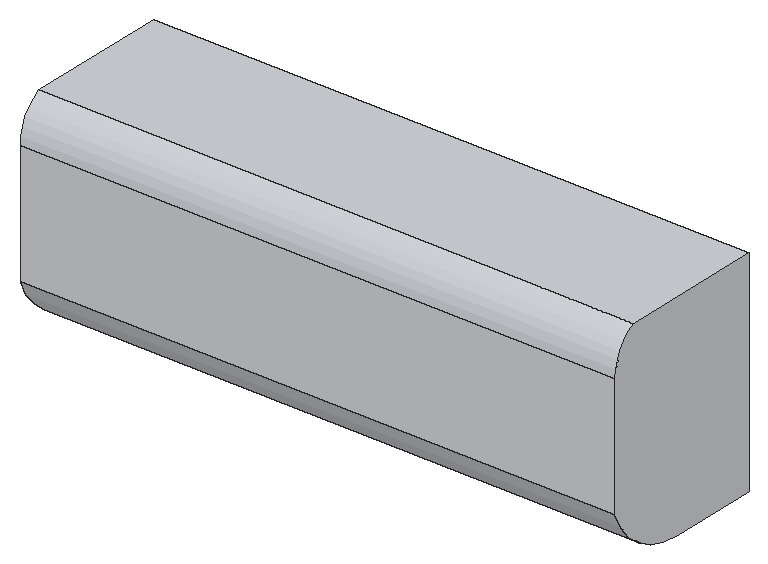
Revit family "Hitachi_RAS-E25_E35YHA_0718", category Mechanical Equipment, Revit 2015
Parameters (values of type "RAS-E35YHA")
  Width = 780 mm  # constant formula
  Weight (kg) = 8.5
  URL = "www.temperzone.biz"
  Pipe Length (min./max.) = "3m to 20m"
  Pipe Height (max.) = "10m"
  Pipe Connection Size - Gas = 9.5 mm  # 9.50 mm
  Pip Connection Size - Liquid = 6.4 mm  # 6.40 mm
  Model - Outdoor = "RAC-E35YHA"
  Model = "RAS-E35YHA"
  Manufacturer = "Hitachi"  # constant formula
  Height = 280 mm  # constant formula
  Heating Range (kW) = "0.9 kW to 5.0 kW"
  Heating Capacity = 4 kW
  Description = "Hitachi Wall Mounted 3.5kW Heatpump RAS-E35YHA"
  Depth = 218 mm  # constant formula
  Cooling Range (kW) = "0.9 kW to 4.0 kW"
  Cooling Capacity = 3.5 kW
Types (2, lengths in mm): name | Model - Outdoor | Model | Heating Range (kW) | Heating Capacity | Description | Cooling Range (kW) | Cooling Capacity
  RAS-E35YHA | "RAC-E35YHA" | "RAS-E35YHA" | "0.9 kW to 5.0 kW" | 4 kW | "Hitachi Wall Mounted 3.5kW Heatpump RAS-E35YHA" | "0.9 kW to 4.0 kW" | 3.5 kW
  RAS-E25YHA | "RAC-E25YHA" | "RAS-E25YHA" | "0.9 kW to 4.4 kW" | 3.2 kW | "Hitachi Wall Mounted 2.5kW Heatpump RAS-E25YHA" | "0.9 kW to 3.1 kW" | 2.5 kW
Reference planes
  plane 1 "Center (Front/Back)": y = 0
  plane 2: z = 0
  plane 3 "Center (Left/Right)": x = 0
  plane 4: x = -390
  plane 5: x = 390
  plane 6: z = 280
  plane 7: y = -218
Forms (mm)
  Extrusion 1, solid
    sketch origin (0, 0, 0) x (0, 1, 0) y (0, 0, 1)
      loop
        line (0, 280) -> (-188, 280)
        arc (-188, 280) -> (-210.234, 258.196) -> (-218, 228.038) r 58.047
        line (-218, 228.038) -> (-218, 68.038)
        arc (-218, 68.038) -> (-178.473, 17.846) -> (-117.129, 0) r 104.613
        line (-117.129, 0) -> (0, 0) -> (0, 280)
    from -390 to 390
Dimensions and locks
  equal spacing: plane 4, plane 3 "Center (Left/Right)", plane 5
  "Width": plane 4 to plane 5
  "Depth": plane 7 to plane 1 "Center (Front/Back)"
  "Height": plane 6 to plane 2
  aligned and locked: level to plane 2
  aligned and locked: plane 5 to Extrusion 1
  aligned and locked: Extrusion 1 to plane 4
Automatic sketch dimensions
  Extrusion 1 sketch curve to plane 7 = 0 mm
  Extrusion 1 sketch curve to plane 6 = 0 mm
  Extrusion 1 sketch curve to plane 1 "Center (Front/Back)" = 0 mm
  plane 7 to Extrusion 1 sketch curve = 30 mm
  plane 7 to Extrusion 1 sketch curve = 100.871 mm
  Extrusion 1 sketch curve to plane 6 = 50.828 mm
  Extrusion 1 sketch curve to Extrusion 1 sketch curve = 28.036 mm
  plane 7 to Extrusion 1 sketch curve = 98.026 mm
  Extrusion 1 sketch curve to level = 0 mm
  level to Extrusion 1 sketch curve = 68.038 mm
